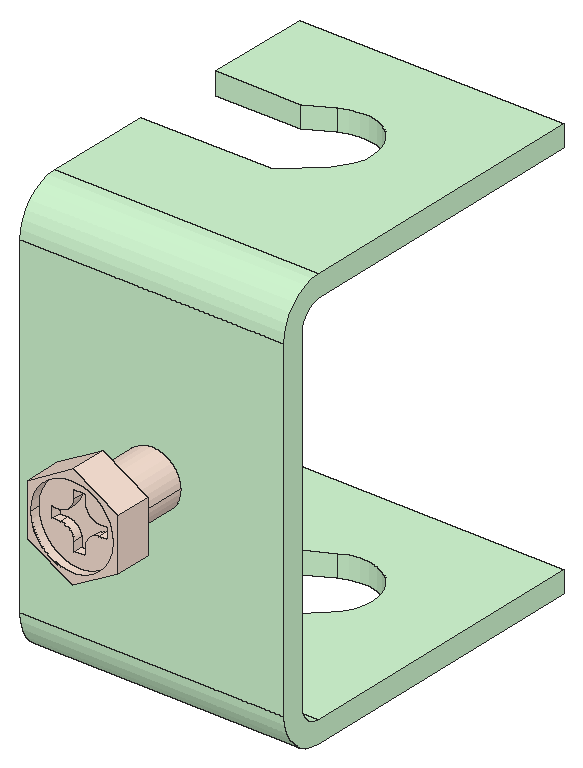
Revit family "チャンネルホルダー", category 機械設備, Revit 2020
Family settings
  丸型コネクタ寸法 = 直径を使用
  種別 = なし
  パーツ タイプ = 標準
  作業面ベース = いいえ
  常に垂直 = はい
  ロード時にボイドで切り取り = いいえ
  共有 = いいえ
  部屋計算ポイント = いいえ
Parameters
  製造元 = "株式会社桐井製作所"
  既定の高さ = 0 mm
  URL = "https://www.kirii.co.jp/"
  K_品名 = "チャンネルホルダー　3/8”(3分)、1/4”(2分)兼用"
  K_名称 = "振れ止め用金具"
  K_入数 = "300"
  K_バージョン情報 = "20211012"
Reference planes
  plane 1 "中心(正面/背面)": y = 0
  plane 2: z = 0
  plane 3 "中心(左/右)": x = 0
Forms (mm)
  Extrusion 1, solid
    sketch origin (0, 0, 0) x (0, 1, 0) y (0, 0, 1)
      loop
        arc (2.3, 22.3) -> (-0.953, 20.953) -> (-2.3, 17.7) r 4.6
        line (-2.3, 17.7) -> (-2.3, -17.7)
        arc (-2.3, -17.7) -> (-0.953, -20.953) -> (2.3, -22.3) r 4.6
        line (2.3, -22.3) -> (34.7, -22.3) -> (34.7, -20) -> (2.3, -20)
        arc (2.3, -20) -> (0.674, -19.326) -> (0, -17.7) r 2.3
        line (0, -17.7) -> (0, 17.7)
        arc (0, 17.7) -> (0.674, 19.326) -> (2.3, 20) r 2.3
        line (2.3, 20) -> (34.7, 20) -> (34.7, 22.3) -> (2.3, 22.3)
    from -14 to 14
  Blend 2, solid
    base sketch origin (0, 0, 0) x (1, 0, 0) y (0, 0, 1)
      loop
        circle (0, 0) r 7
    top sketch origin (0, 0, 0) x (1, 0, 0) y (0, 0, 1)
      loop
        circle (0, 0) r 4.925
    from 0 to -2.257
  Extrusion 3, void
    sketch origin (0, 0, 0) x (1, 0, 0) y (0, 0, 1)
      loop
        circle (0, 0) r 3
    from 2.3 to -2.3
  Extrusion 4, void
    sketch origin (0, 0, 0) x (1, 0, 0) y (0, 1, 0)
      loop
        line (-14, 23.7) -> (-14, 13.7) -> (0, 13.7) -> (3.499, 17.129)
        arc (3.499, 17.129) -> (4.033, 23.656) -> (-2.353, 25.112) r 5
        line (-2.353, 25.112) -> (-5, 23.7) -> (-14, 23.7)
    from 20 to 22.3
  Extrusion 5, void
    sketch origin (0, 0, -42.3) x (1, 0, 0) y (0, 1, 0)
      loop
        line (-14, 23.7) -> (-14, 13.7) -> (0, 13.7) -> (3.499, 17.129)
        arc (3.499, 17.129) -> (4.033, 23.656) -> (-2.353, 25.112) r 5
        line (-2.353, 25.112) -> (-5, 23.7) -> (-14, 23.7)
    from 20 to 22.3
Cuts and joins
  Extrusion 3, Extrusion 4, Extrusion 5 cuts Extrusion 1
  Extrusion 3, Extrusion 4, Extrusion 5 cuts Blend 2
  joined: Extrusion 1, Blend 2
Dimensions and locks
  aligned and locked: level to plane 2
Nested families
  nested 1: "M6×20ボルト" at (0.011, -8.871, 0.2), type "M6×20ボルト"
Definition of nested family "M6×20ボルト"
  Parameters (values of type "M6×20ボルト")
    Manufacturer = "株式会社桐井製作所"
    Default Elevation = 0 mm
    URL = "https://www.kirii.co.jp/"
    K_名称 = "M6×20ボルト"
  Reference planes
    plane 1 "中心(正面/背面)": y = 0
    plane 2: z = 0
    plane 3 "中心(左/右)": x = 0
    plane 4 "正面": y = -4
  Forms (mm)
    Extrusion 1, solid
      sketch origin (0, 0, 0) x (1, 0, 0) y (0, 0, 1)
        loop
          line (-4.763, -2.946) -> (0, -5.696) -> (4.763, -2.946) -> (4.763, 2.554) -> (0, 5.304) -> (-4.763, 2.554) -> (-4.763, -2.946)
      from 0 to 4
    Extrusion 2, void
      sketch origin (0, -4, 0) x (-1, 0, 0) y (0, 0, 1)
        loop
          circle (0, -0.156) r 4.396
      from 0 to 1
    Extrusion 3, void
      sketch origin (0, -4, 0) x (-1, 0, 0) y (0, 0, 1)
        loop
          arc (-0.6, 1.814) -> (-1.069, 0.856) -> (-2.036, 0.404) r 1.605
          line (-2.036, 0.404) -> (-2.939, 0.404)
          arc (-2.939, 0.404) -> (-3, -0.195) -> (-2.94, -0.795) r 3
          line (-2.94, -0.795) -> (-2.049, -0.795)
          arc (-2.049, -0.795) -> (-1.074, -1.243) -> (-0.6, -2.206) r 1.605
          line (-0.6, -2.206) -> (-0.6, -3.135)
          arc (-0.6, -3.135) -> (0, -3.196) -> (0.6, -3.135) r 3
          line (0.6, -3.135) -> (0.6, -2.206)
          arc (0.6, -2.206) -> (1.074, -1.243) -> (2.049, -0.795) r 1.605
          line (2.049, -0.795) -> (2.94, -0.795)
          arc (2.94, -0.795) -> (3, -0.198) -> (2.941, 0.398) r 3
          line (2.941, 0.398) -> (2.117, 0.398)
          arc (2.117, 0.398) -> (1.098, 0.828) -> (0.6, 1.814) r 1.605
          line (0.6, 1.814) -> (0.6, 2.743)
          arc (0.6, 2.743) -> (0, 2.804) -> (-0.6, 2.743) r 3
          line (-0.6, 2.743) -> (-0.6, 1.814)
      from 0 to 2
    Extrusion 4, solid
      sketch origin (0, 0, 0) x (1, 0, 0) y (0, 0, 1)
        loop
          circle (-0.011, -0.2) r 3
      from 0 to -20
  Cuts and joins
    Extrusion 2, Extrusion 3 cuts Extrusion 1
    joined: Extrusion 1, Extrusion 4
  Dimensions and locks
    aligned and locked: level to plane 2
